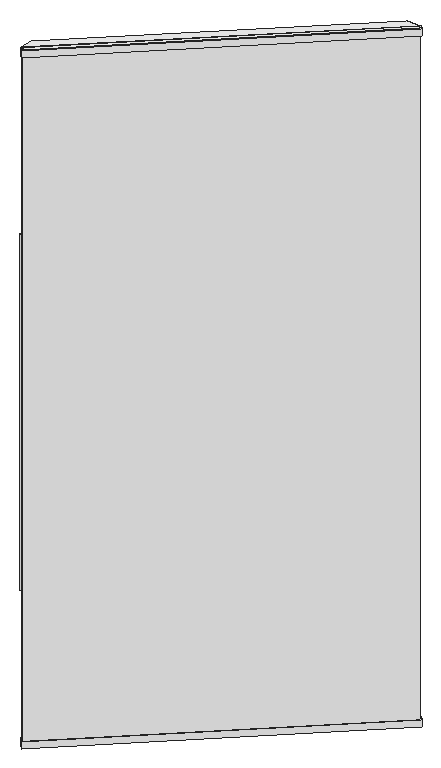
Revit family "Kulmapeili", category Casework, Revit 2015
Parameters (values of type "6530")
  Width = 500 mm
  Version = ""
  Uniclass 2015 Description = ""
  Uniclass 2015 Code = ""
  NominalLength = 0 mm
  NominalHeight = 0 mm
  NominalDepth = 0 mm
  NBSDescription = ""
  URL = "www.korpinen.fi"
  UNSPSC Code = ""
  Talo 2000 Hankenimike = ""
  ProdLibID = ""
  NBSReference = ""
  Model = "Kulmapeili"
  Keynote = "6530"
  IfcExportType = ""
  IfcExportAs = ""
  Height = 1000 mm
  BIMObjectName = ""
  Manufacturer = "Korpinen Oy"  # constant formula
  IfcClassification = ""
  COBIe Type Category = ""
  Available as antimicrobial = yes
  Author = "ProdLib Oy"  # constant formula
Reference planes
  plane 1 "Center (Front/Back)": y = 0
  plane 2: z = 0
  plane 3 "Center (Left/Right)": x = 0
  plane 4: x = -182
  plane 5: x = 182
  plane 6: y = 182
  plane 7: y = -182
  plane 8: z = 1000
  plane 9: y = -154.5
  plane 10: y = -180
  plane 11: x = -179
  plane 12: x = -173.5
  plane 13: y = -175
  plane 14: y = 179
  plane 15: y = 173.5
  plane 16: x = 180
  plane 17: x = 175
  plane 18: x = 154.5
  plane 19: y = -173.5
  plane 20: x = 173.5
  plane 21: z = 220
  plane 22: z = 730
  plane 23: z = 990
  plane 24: z = 10
  plane 25: x = 176.5
  plane 26: y = -176.468
Forms (mm)
  Extrusion 1, solid, material "Mirror"
    sketch origin (0, 0, 0) x (1, 0, 0) y (0, 1, 0)
      loop
        line (-179, -175) -> (-173.5, -180) -> (180, 173.5) -> (175, 179) -> (-179, -175)
    from 0 to 1000
  Extrusion 2, solid, material "Aluminum"
    sketch origin (0, 0, 0) x (1, 0, 0) y (0, 1, 0)
      loop
        line (-179, -173.5) -> (-179, -154.5) -> (154.5, 179) -> (173.5, 179) -> (173.5, 182) -> (154.5, 182) -> (-182, -154.5) -> (-182, -173.5) -> (-179, -173.5)
    from 220 to 730
  Extrusion 3, solid, material "Aluminum"
    sketch origin (0, 0, 0) x (1, 0, 0) y (0, 1, 0)
      loop
        line (-179, -175) -> (-179, -176.468) -> (-173.484, -181.984) -> (182, 173.5) -> (176.5, 179) -> (175, 179) -> (180, 173.5) -> (-173.5, -180) -> (-179, -175)
    from 990 to 1000
  Extrusion 4, solid, material "Aluminum"
    sketch origin (0, 0, 0) x (1, 0, 0) y (0, 1, 0)
      loop
        line (-179, -175) -> (-179, -176.468) -> (-173.484, -181.984) -> (182, 173.5) -> (176.5, 179) -> (175, 179) -> (180, 173.5) -> (-173.5, -180) -> (-179, -175)
    from 0 to 10
  Extrusion 5, solid, material "Aluminum"
    sketch origin (0, 0, 0) x (1, 0, 0) y (0, 1, 0)
      loop
        line (-179, -154.5) -> (-179, -175) -> (175, 179) -> (154.5, 179) -> (-179, -154.5)
    from 0 to 1000
Lines and regions (mm)
  symbolic lines
    curve 1: line (0, -181.984, 1000) -> (0, -181.984, 990)
    curve 2: line (0, -181.984, 990) -> (0, 179, 990)
    curve 3: line (0, 179, 990) -> (0, 179, 1000)
    curve 4: line (0, 179, 1000) -> (0, -181.984, 1000)
    curve 5: line (0, -181.984, 10) -> (0, -181.984, 0)
    curve 6: line (0, -181.984, 0) -> (0, 179, 0)
    curve 7: line (0, 179, 0) -> (0, 179, 10)
    curve 8: line (0, 179, 10) -> (0, -181.984, 10)
    curve 9: line (0, -180, 10) -> (0, -180, 990)
    curve 10: line (0, 173.5, 1000) -> (0, 173.5, 0)
    curve 11: line (0, 179, 990) -> (0, 179, 10)
    curve 12: line (0, 179, 730) -> (0, 182, 730)
    curve 13: line (0, 182, 730) -> (0, 182, 220)
    curve 14: line (0, 182, 220) -> (0, 179, 220)
    curve 15: line (175, 179, 0) -> (180, 173.5, 0)
    curve 16: line (180, 173.5, 0) -> (-173.5, -180, 0)
    curve 17: line (-173.5, -180, 0) -> (-179, -175, 0)
    curve 18: line (-179, -175, 0) -> (175, 179, 0)
    curve 19: line (154.5, 179, 0) -> (176.5, 179, 0)
    curve 20: line (176.5, 179, 0) -> (182, 173.5, 0)
    curve 21: line (182, 173.5, 0) -> (-173.484, -181.984, 0)
    curve 22: line (-173.484, -181.984, 0) -> (-179, -176.468, 0)
    curve 23: line (-179, -176.468, 0) -> (-179, -154.5, 0)
    curve 24: line (-179, -154.5, 0) -> (154.5, 179, 0)
    curve 25: line (154.5, 182, 0) -> (173.5, 182, 0)
    curve 26: line (173.5, 182, 0) -> (173.5, 179, 0)
    curve 27: line (-179, -173.5, 0) -> (-182, -173.5, 0)
    curve 28: line (-182, -173.5, 0) -> (-182, -154.5, 0)
    curve 29: line (-182, -154.5, 0) -> (154.5, 182, 0)
    curve 30: line (-179, 0, 1000) -> (182, 0, 1000)
    curve 31: line (182, 0, 1000) -> (182, 0, 990)
    curve 32: line (182, 0, 990) -> (-179, 0, 990)
    curve 33: line (-179, 0, 990) -> (-179, 0, 1000)
    curve 34: line (180, 0, 990) -> (180, 0, 10)
    curve 35: line (180, 0, 10) -> (182, 0, 10)
    curve 36: line (182, 0, 10) -> (182, 0, 0)
    curve 37: line (182, 0, 0) -> (-179, 0, 0)
    curve 38: line (-179, 0, 0) -> (-179, 0, 10)
    curve 39: line (-179, 0, 10) -> (180, 0, 10)
    curve 40: line (-173.484, 0, 0) -> (-173.484, 0, 1000)
    curve 41: line (-179, 0, 990) -> (-179, 0, 10)
    curve 42: line (-179, 0, 220) -> (-182, 0, 220)
    curve 43: line (-182, 0, 220) -> (-182, 0, 730)
    curve 44: line (-182, 0, 730) -> (-179, 0, 730)
Dimensions and locks
  equal spacing: plane 4, plane 3 "Center (Left/Right)", plane 5
  locked: plane 4 to plane 5 at 364
  equal spacing: plane 6, plane 1 "Center (Front/Back)", plane 7
  locked: plane 6 to plane 7 at 364
  "Height": plane 8 to level
  plane 7 to plane 10 = 2 mm
  plane 4 to plane 11 = 3 mm
  plane 4 to plane 12 = 8.5 mm
  plane 7 to plane 13 = 7 mm
  plane 7 to plane 9 = 27.5 mm
  plane 6 to plane 14 = 3 mm
  plane 6 to plane 15 = 8.5 mm
  plane 16 to plane 5 = 2 mm
  plane 17 to plane 5 = 7 mm
  plane 18 to plane 5 = 27.5 mm
  plane 19 to plane 7 = 8.5 mm
  plane 20 to plane 5 = 8.5 mm
  plane 22 to plane 21 to plane 2 = 510 mm locked, 220 mm locked
  locked: plane 24 to plane 2 at 10
  locked: plane 8 to plane 23 at 10
  locked: plane 17 to plane 25 at 1.5
  locked: plane 26 to plane 13 at 1.468
  aligned and locked: level to plane 2
  aligned and locked: plane 8 to Extrusion 1
  aligned and locked: Extrusion 1 to plane 2
  aligned and locked: Extrusion 2 to plane 22
  aligned and locked: Extrusion 2 to plane 21
  aligned and locked: plane 8 to Extrusion 3
  aligned and locked: plane 23 to Extrusion 3
  aligned and locked: plane 24 to Extrusion 4
  aligned and locked: Extrusion 4 to plane 2
  aligned and locked: plane 8 to Extrusion 5
  aligned and locked: Extrusion 5 to plane 2
Automatic sketch dimensions
  Extrusion 2 sketch curve to plane 4 = 0 mm
  Extrusion 2 sketch curve to plane 11 = 0 mm
  plane 9 to Extrusion 2 sketch curve = 0 mm  (x2)
  Extrusion 2 sketch curve to plane 6 = 0 mm
  Extrusion 2 sketch curve to plane 18 = 0 mm  (x2)
  Extrusion 2 sketch curve to plane 14 = 0 mm
  Extrusion 2 sketch curve to plane 20 = 0 mm
  Extrusion 2 sketch curve to plane 19 = 0 mm
  Extrusion 3 sketch curve to plane 11 = 0 mm
  Extrusion 3 sketch curve to plane 12 = 0.016 mm
  plane 10 to Extrusion 3 sketch curve = 0 mm
  Extrusion 3 sketch curve to plane 12 = 0 mm
  Extrusion 3 sketch curve to plane 14 = 0 mm
  Extrusion 3 sketch curve to plane 17 = 0 mm
  Extrusion 3 sketch curve to plane 25 = 0 mm
  plane 15 to Extrusion 3 sketch curve = 0 mm  (x2)
  Extrusion 3 sketch curve to plane 16 = 0 mm
  plane 26 to Extrusion 3 sketch curve = 0 mm
  plane 13 to Extrusion 3 sketch curve = 0 mm
  Extrusion 4 sketch curve to plane 11 = 0 mm
  plane 10 to Extrusion 4 sketch curve = 0 mm
  Extrusion 4 sketch curve to plane 12 = 0 mm
  Extrusion 4 sketch curve to plane 14 = 0 mm
  Extrusion 4 sketch curve to plane 17 = 0 mm
  Extrusion 4 sketch curve to plane 25 = 0 mm
  plane 15 to Extrusion 4 sketch curve = 0 mm  (x2)
  Extrusion 4 sketch curve to plane 16 = 0 mm
  Extrusion 4 sketch curve to plane 5 = 0 mm
  plane 26 to Extrusion 4 sketch curve = 0 mm
  plane 13 to Extrusion 4 sketch curve = 0 mm
  Extrusion 1 sketch curve to plane 11 = 0 mm
  plane 10 to Extrusion 1 sketch curve = 0 mm
  Extrusion 1 sketch curve to plane 12 = 0 mm
  Extrusion 1 sketch curve to plane 14 = 0 mm
  Extrusion 1 sketch curve to plane 17 = 0 mm
  plane 15 to Extrusion 1 sketch curve = 0 mm
  Extrusion 1 sketch curve to plane 16 = 0 mm
  plane 13 to Extrusion 1 sketch curve = 0 mm
  Extrusion 5 sketch curve to plane 11 = 0 mm
  Extrusion 5 sketch curve to plane 14 = 0 mm
  Extrusion 5 sketch curve to plane 18 = 0 mm
  Extrusion 5 sketch curve to plane 17 = 0 mm
  plane 13 to Extrusion 5 sketch curve = 0 mm
  plane 9 to Extrusion 5 sketch curve = 0 mm
  curve 1 to plane 8 = 0 mm
  plane 23 to curve 1 = 0 mm
  curve 8 to plane 24 = 0 mm
  curve 6 to level = 0 mm
  curve 9 to plane 10 = 0 mm
  curve 10 to plane 15 = 0 mm
  curve 6 to plane 14 = 0 mm
  curve 13 to plane 6 = 0 mm
  curve 14 to plane 21 = 0 mm
  plane 22 to curve 12 = 0 mm
  curve 4 to plane 7 = 0.016 mm
  curve 5 to plane 7 = 0.016 mm
  curve 29 to plane 4 = 0 mm
  curve 17 to plane 11 = 0 mm
  plane 10 to curve 17 = 0 mm
  curve 17 to plane 12 = 0 mm
  curve 24 to plane 14 = 0 mm
  curve 24 to plane 18 = 0 mm
  curve 25 to plane 6 = 0 mm
  curve 29 to plane 18 = 0 mm
  curve 26 to plane 20 = 0 mm
  curve 18 to plane 17 = 0 mm
  curve 20 to plane 25 = 0 mm
  plane 15 to curve 16 = 0 mm
  curve 16 to plane 16 = 0 mm
  curve 21 to plane 5 = 0 mm
  plane 26 to curve 23 = 0 mm
  plane 13 to curve 17 = 0 mm
  curve 27 to plane 19 = 0 mm
  plane 9 to curve 23 = 0 mm
  plane 9 to curve 29 = 0 mm
  plane 15 to curve 20 = 0 mm
  curve 43 to plane 4 = 0 mm
  curve 30 to plane 8 = 0 mm
  plane 11 to curve 30 = 0 mm
  curve 40 to level = 0 mm
  curve 39 to plane 16 = 0 mm
  curve 36 to plane 5 = 0 mm
  curve 32 to plane 5 = 0 mm
  curve 41 to plane 24 = 0 mm
  curve 43 to plane 21 = 0 mm
  curve 44 to plane 22 = 0 mm
  curve 34 to plane 23 = 0 mm
  curve 40 to plane 12 = 0.016 mm
